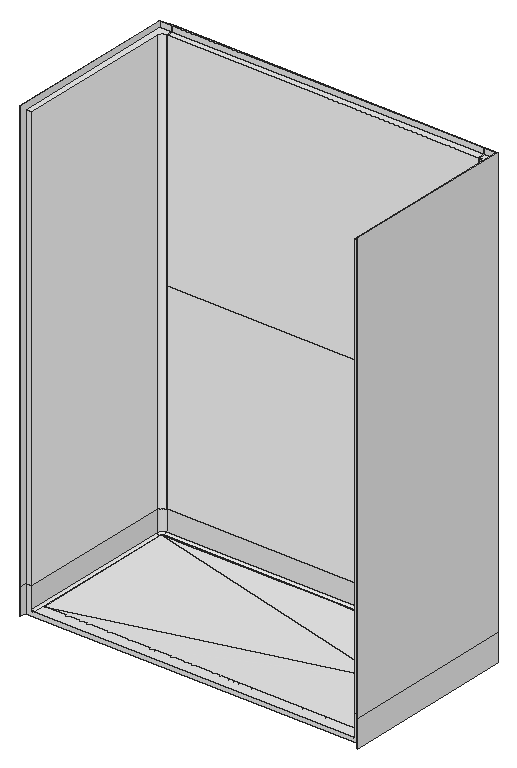
Revit family "5LBS6030FBE75B,FBE2B", category Plumbing Fixtures, Revit 2014
Parameters (values of type "5LBS6030FBE75B")
  Unit Width = 60"
  Unit Height = 81 1/4"
  URL = "http://www.best-bath.com/"
  Type Comments = "Barrier Free"
  Threshold Height = 3/4"
  Model = "5LBS6030FBE75B"
  Material [instance] = Best Bath Gelcoat Fiberglass - Smooth
  Manufacturer = "Best Bath Systems, Inc."
  Keynote = "22 40 00.B3"
  Description = "4 x 8 Subway Tile, Beveled Threshold"
  Assembly Code = "D2010710"
Types (3): name | Unit Height | Threshold Height | Model | Material
  (no name) | 81 1/4" | 3/4" | "5LBS6030FBE75B" | Best Bath Gelcoat Fiberglass - Smooth
  5LBS6030FBE75B | 81 1/4" | 3/4" | "5LBS6030FBE75B" | Best Bath Gelcoat Fiberglass - Smooth
  5LBS6030FBE2B | 82 1/2" | 2" | "5LBS6030FBE2B" | Best Bath Gelcoat Fiberglass - RealTile
Reference planes (in)
  plane 1: z = 0
  plane 2 "Left": x = 0
  plane 3: z = 80.25
  plane 4: z = 81.25
  plane 5: y = 6.36165
  plane 6: y = 36.36165
  plane 7: x = 60
  plane 8: y = 35.11165
  plane 9: y = 22.36165
  plane 10: z = 0.375
  plane 11: z = 0.75
  plane 12: z = 40.25
  plane 13: z = 4.75
  plane 14: y = 5.36165
  plane 15: z = 44.25
  plane 16: x = 30
  plane 17: x = 51.5
Forms (in)
  Extrusion 1, solid, material "Best Bath Gelcoat Fiberglass - Smooth"
    sketch origin (0, 0, 0) x (1, 0, 0) y (0, 1, 0)
      loop
        line (0, 6.36165) -> (60, 6.36165) -> (60, 36.36165) -> (0, 36.36165) -> (0, 6.36165)
      loop
        circle (51.5, 22.36165) r 2.125
    from 0 to 0.75
  Extrusion 2, solid, material "Best Bath Gelcoat Fiberglass - Smooth" <- "Material"
    sketch origin (0, 0, 0) x (1, 0, 0) y (0, 1, 0)
      loop
        line (2.25, 36.36165) -> (2.25, 35.11165) -> (57.75, 35.11165) -> (57.75, 36.36165) -> (2.25, 36.36165)
    from 4.75 to 40.25
  Blend 3, void
    base sketch origin (0, 0, 0) x (1, 0, 0) y (0, 1, 0)
      loop
        line (1.875, 8.36165) -> (58.125, 8.36165) -> (58.125, 34.48665) -> (1.875, 34.48665) -> (1.875, 8.36165)
    top sketch origin (0, 0, 0) x (1, 0, 0) y (0, 1, 0)
      loop
        circle (51.5, 22.36165) r 0.07952
    from 0.75 to 0.375
  Extrusion 4, solid, material "Best Bath Gelcoat Fiberglass - Smooth" <- "Material"
    sketch origin (0, 0, 0) x (1, 0, 0) y (0, 1, 0)
      loop
        line (2.25, 36.36165) -> (2.25, 35.11165) -> (57.75, 35.11165) -> (57.75, 36.36165) -> (2.25, 36.36165)
    from 40.25 to 80.25
  Extrusion 5, solid, material "Best Bath Gelcoat Fiberglass - Smooth"
    sketch origin (0.25, 0, 0) x (1, 0, 0) y (0, 1, 0)
      loop
        line (-0.25, 6.36165) -> (1, 6.36165) -> (1, 34.11165)
        arc (1, 34.11165) -> (1.29289, 34.81875) -> (2, 35.11165) r 1
        line (2, 35.11165) -> (2, 36.36165) -> (-0.25, 36.36165) -> (-0.25, 6.36165)
      loop
        line (59.75, 6.36165) -> (59.75, 36.36165) -> (57.5, 36.36165) -> (57.5, 35.11165)
        arc (57.5, 35.11165) -> (58.20711, 34.81875) -> (58.5, 34.11165) r 1
        line (58.5, 34.11165) -> (58.5, 6.36165) -> (59.75, 6.36165)
    from 4.75 to 80.25
  Extrusion 6, solid, material "Best Bath Gelcoat Fiberglass - Smooth"
    sketch origin (0, 0, 0) x (1, 0, 0) y (0, 1, 0)
      loop
        line (0, 36.36165) -> (0, 6.36165) -> (1.25, 6.36165) -> (1.25, 34.11165)
        arc (1.25, 34.11165) -> (1.54289, 34.81875) -> (2.25, 35.11165) r 1
        line (2.25, 35.11165) -> (57.75, 35.11165)
        arc (57.75, 35.11165) -> (58.45711, 34.81875) -> (58.75, 34.11165) r 1
        line (58.75, 34.11165) -> (58.75, 6.36165) -> (60, 6.36165) -> (60, 35.11165) -> (60, 36.36165) -> (0, 36.36165)
    from 0 to 4.75
  Sweep 7, solid, material "Best Bath Gelcoat Fiberglass - Smooth"
    path origin (0, 0, 0) x (1, 0, 0) y (0, 1, 0)
      loop
        line (1.25, 6.36165) -> (1.25, 34.11165)
        arc (1.25, 34.11165) -> (1.54289, 34.81875) -> (2.25, 35.11165) r 1
        line (2.25, 35.11165) -> (57.75, 35.11165)
        arc (57.75, 35.11165) -> (58.45711, 34.81875) -> (58.75, 34.11165) r 1
        line (58.75, 34.11165) -> (58.75, 6.36165)
    profile origin (1.25, 20.23665, 0) x (-1, 0, 0) y (0, 0, 1)
      loop
        line (0, 0.75) -> (0, 1.125)
        arc (0, 1.125) -> (-0.10983, 0.85983) -> (-0.375, 0.75) r 0.375
        line (-0.375, 0.75) -> (0, 0.75)
  Extrusion 8, solid, material "Best Bath Gelcoat Fiberglass - Smooth"
    sketch origin (0, 0, 0) x (1, 0, 0) y (0, 1, 0)
      loop
        line (0, 5.36165) -> (0.125, 5.36165) -> (0.125, 6.36165) -> (0, 6.36165) -> (0, 5.36165)
      loop
        line (60, 5.36165) -> (60, 6.36165) -> (59.875, 6.36165) -> (59.875, 5.36165) -> (60, 5.36165)
    from 0 to 4.75
  Extrusion 9, solid, material "Best Bath Gelcoat Fiberglass - Smooth" <- "Material"
    sketch origin (0, 0, 0) x (1, 0, 0) y (0, 1, 0)
      loop
        line (2.25, 36.36165) -> (2.25, 36.23665) -> (57.75, 36.23665) -> (57.75, 36.36165) -> (2.25, 36.36165)
    from 80.25 to 81.25
  Extrusion 10, solid, material "Best Bath Gelcoat Fiberglass - Smooth"
    sketch origin (0, 0, 0) x (1, 0, 0) y (0, 1, 0)
      loop
        line (0.125, 5.36165) -> (0.125, 36.23665) -> (2.25, 36.23665) -> (2.25, 36.36165) -> (0, 36.36165) -> (0, 5.36165) -> (0.125, 5.36165)
      loop
        line (59.875, 5.36165) -> (60, 5.36165) -> (60, 36.36165) -> (57.75, 36.36165) -> (57.75, 36.23665) -> (59.875, 36.23665) -> (59.875, 5.36165)
    from 4.75 to 81.25
Cuts and joins
  Blend 3 cuts Extrusion 1
  joined: Extrusion 1, Extrusion 6, Sweep 7, Extrusion 8
  joined: Extrusion 4, Extrusion 9
  joined: Extrusion 5, Extrusion 10
Dimensions and locks (in)
  locked: plane 4 to plane 3 at 1
  "Unit Height": plane 4 to level
  plane 2 "Left" to plane 7 = 60"
  "Unit Width": plane 2 "Left" to plane 7
  locked: plane 6 to plane 8 at 1.25
  locked: plane 6 to plane 9 at 14
  "Threshold Height": plane 11 to level
  locked: plane 11 to plane 10 at 0.375
  locked: plane 12 to plane 13 at 35.5
  locked: plane 13 to plane 11 at 4
  locked: plane 5 to plane 14 at 1
  locked: plane 6 to plane 14 at 31
  locked: plane 15 to plane 12 at 4
  plane 17 to plane 7 = 8 1/2"
  aligned and locked: level to plane 1
  aligned and locked: Extrusion 1 sketch curve to plane 5
  aligned and locked: Extrusion 1 sketch curve to plane 2 "Left"
  aligned and locked: plane 6 to Extrusion 1 sketch curve
  aligned and locked: Extrusion 1 sketch curve to plane 7
  aligned and locked: plane 9 to Extrusion 1 sketch curve
  aligned and locked: plane 11 to Extrusion 1
  aligned and locked: plane 9 to Blend 3 sketch curve
  aligned and locked: Extrusion 1 to Blend 3
  aligned and locked: Blend 3 to plane 10
  aligned and locked: plane 12 to Extrusion 2
  aligned and locked: Extrusion 4 to Extrusion 2
  aligned and locked: plane 3 to Extrusion 4
  aligned and locked: plane 3 to Extrusion 5
  aligned and locked: plane 13 to Extrusion 6
  aligned and locked: Extrusion 5 to plane 13
  aligned and locked: Extrusion 2 to plane 13
  aligned and locked: Sweep 7 sketch curve to plane 11
  aligned and locked: Extrusion 8 to Extrusion 2
  aligned and locked: Extrusion 9 to plane 3
  aligned and locked: plane 4 to Extrusion 9
  aligned and locked: Extrusion 10 to Extrusion 2
  aligned and locked: plane 4 to Extrusion 10
Automatic sketch dimensions
  plane 7 to Extrusion 1 sketch curve = 8 1/2"
  Extrusion 2 sketch curve to plane 8 = 0"
  Extrusion 2 sketch curve to plane 6 = 0"
  plane 2 "Left" to Extrusion 2 sketch curve = 2 1/4"
  plane 7 to Extrusion 2 sketch curve = 2 1/4"
  Blend 3 sketch curve to plane 8 = 5/8"
  plane 2 "Left" to Blend 3 sketch curve = 1 7/8"
  plane 7 to Blend 3 sketch curve = 1 7/8"
  plane 5 to Blend 3 sketch curve = 2"
  plane 7 to Blend 3 sketch curve = 8 1/2"
  Extrusion 4 sketch curve to plane 8 = 0"
  Extrusion 4 sketch curve to plane 6 = 0"
  plane 2 "Left" to Extrusion 4 sketch curve = 2 1/4"
  plane 7 to Extrusion 4 sketch curve = 2 1/4"
  Extrusion 5 sketch curve to plane 2 "Left" = 0"
  Extrusion 5 sketch curve to plane 5 = 0"  (x2)
  Extrusion 5 sketch curve to plane 6 = 0"  (x2)
  Extrusion 5 sketch curve to plane 8 = 0"  (x2)
  Extrusion 5 sketch curve to plane 7 = 0"
  Extrusion 5 sketch curve to Extrusion 5 sketch curve = 1 1/4"
  Extrusion 5 sketch curve to Extrusion 5 sketch curve = 1"
  plane 7 to Extrusion 5 sketch curve = 2 1/4"
  plane 7 to Extrusion 5 sketch curve = 1 1/4"
  Extrusion 6 sketch curve to plane 2 "Left" = 0"
  Extrusion 6 sketch curve to plane 5 = 0"  (x2)
  Extrusion 6 sketch curve to plane 8 = 0"  (x2)
  Extrusion 6 sketch curve to plane 7 = 0"
  Extrusion 6 sketch curve to plane 6 = 0"
  Extrusion 6 sketch curve to Extrusion 6 sketch curve = 1 1/4"
  Extrusion 6 sketch curve to Extrusion 6 sketch curve = 1"
  Extrusion 6 sketch curve to plane 8 = 1"
  plane 7 to Extrusion 6 sketch curve = 2 1/4"
  Sweep 7 sketch curve to plane 5 = 0"  (x2)
  Sweep 7 sketch curve to plane 8 = 0"
  plane 2 "Left" to Sweep 7 sketch curve = 1 1/4"
  Sweep 7 sketch curve to Sweep 7 sketch curve = 1"
  Sweep 7 sketch curve to plane 8 = 1"
  plane 7 to Sweep 7 sketch curve = 2 1/4"
  Sweep 7 sketch curve to profile plane = 0"
  profile plane to Sweep 7 sketch curve = 3/8"
  Extrusion 8 sketch curve to plane 2 "Left" = 0"
  Extrusion 8 sketch curve to plane 5 = 0"  (x2)
  Extrusion 8 sketch curve to plane 14 = 0"  (x2)
  Extrusion 8 sketch curve to plane 7 = 0"
  plane 2 "Left" to Extrusion 8 sketch curve = 1/8"
  plane 7 to Extrusion 8 sketch curve = 1/8"
  Extrusion 9 sketch curve to plane 6 = 0"
  Extrusion 9 sketch curve to plane 6 = 1/8"
  plane 2 "Left" to Extrusion 9 sketch curve = 2 1/4"
  plane 7 to Extrusion 9 sketch curve = 2 1/4"
  Extrusion 10 sketch curve to plane 2 "Left" = 0"
  Extrusion 10 sketch curve to plane 14 = 0"  (x2)
  Extrusion 10 sketch curve to plane 6 = 0"  (x2)
  Extrusion 10 sketch curve to plane 7 = 0"
  plane 2 "Left" to Extrusion 10 sketch curve = 1/8"
  Extrusion 10 sketch curve to plane 6 = 1/8"  (x2)
  Extrusion 10 sketch curve to Extrusion 10 sketch curve = 2 1/8"
  plane 7 to Extrusion 10 sketch curve = 2 1/4"
  plane 7 to Extrusion 10 sketch curve = 1/8"
  radius of Extrusion 1 sketch curve = 2 1/8"
  radius of Blend 3 sketch curve = 0.07952"
